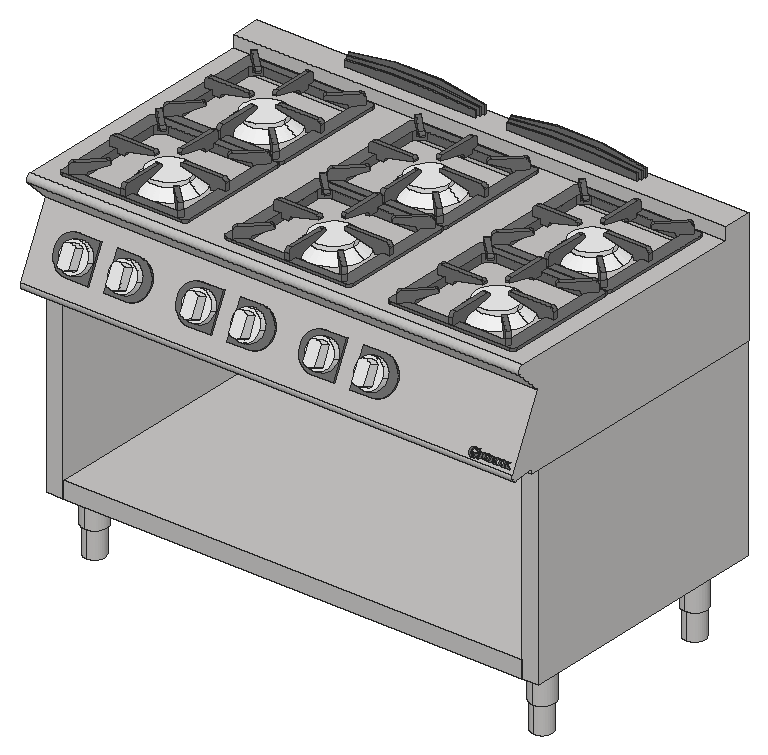
Revit family "QF_GIORIK_ECG760G", category Specialty Equipment, Revit 2014
Parameters (values of type "ECG760G")
  Weight in Pounds = 242.5082
  URL Cutsheet = "www.giorik.com"
  URL = "www.giorik.com"
  Status [instance] = ""
  Specification by User [instance] = ""
  Specification by Manufacturer = ""
  Show Logo [instance] = yes
  Show Clearance [instance] = yes
  Serial Number = ""
  Seismic Rating = ""
  SMACNA No = ""
  Revision Code [instance] = ""
  NAFEM Spec ID Number = ""
  Model = "ECG760G"
  Mechanical Remarks [instance] = "Natural Gas"
  Mechanical Connection Type [instance] = ""
  Masterspec = ""
  Manufacturer = "GIORIK"
  Item Number [instance] = ""
  Installed By [instance] = ""
  Identify Quantity as Lot [instance] = no
  Gas Size = 1"
  Gas RI Height [instance] = 0 mm
  Gas KW = 28.5
  Gas Input = 28500 W
  Gas Connection Height [instance] = 150 mm
  Furnished By [instance] = ""
  Foodservice Equipment Identifier [instance] = yes
  Description = "6 BURNER GAS RANGE ON OPEN BASE UNIT"
  CSI MasterFormat = ""
  Assembly Code = "E1090320"
Reference planes
  plane 1 "Back": y = 0
  plane 2: z = 0
  plane 3 "Left": x = 0
  plane 4 "Right": x = 1200
  plane 5 "Front": y = -720
  plane 6 "Top": z = 900
Forms (mm)
  Extrusion 1, solid
    sketch origin (0, 1000, -20) x (0, 1, 0) y (0, 0, 1)
      loop
        line (-1000, 919.988) -> (-1070, 919.988) -> (-1070, 889.988) -> (-1688.806, 889.988)
        arc (-1688.806, 889.988) -> (-1699.151, 883.075) -> (-1696.724, 870.873) r 11.197
        line (-1696.724, 870.873) -> (-1640.876, 815.025) -> (-1718.948, 661.258)
        arc (-1718.948, 661.258) -> (-1718.233, 650.105) -> (-1708.118, 645.354) r 10.981
        line (-1708.118, 645.354) -> (-1660, 649.925) -> (-1660, 640) -> (-1000, 640) -> (-1000, 919.988)
    from 0 to 1200
  Extrusion 2, solid
    sketch origin (0, 10, 22.988) x (1, 0, 0) y (0, 1, 0)
      loop
        line (45, -100) -> (45, -370)
        arc (45, -370) -> (47.929, -377.071) -> (55, -380) r 10
        line (55, -380) -> (345, -380)
        arc (345, -380) -> (352.071, -377.071) -> (355, -370) r 10
        line (355, -370) -> (355, -100)
        arc (355, -100) -> (352.071, -92.929) -> (345, -90) r 10
        line (345, -90) -> (55, -90)
        arc (55, -90) -> (47.929, -92.929) -> (45, -100) r 10
      loop
        arc (95, -110) -> (80.858, -115.858) -> (75, -130) r 20
        line (75, -130) -> (75, -340)
        arc (75, -340) -> (80.858, -354.142) -> (95, -360) r 20
        line (95, -360) -> (305, -360)
        arc (305, -360) -> (319.142, -354.142) -> (325, -340) r 20
        line (325, -340) -> (325, -130)
        arc (325, -130) -> (319.142, -115.858) -> (305, -110) r 20
        line (305, -110) -> (95, -110)
    from 831.989 to 851.989
  Extrusion 3, solid
    sketch origin (0, -750, 22.988) x (1, 0, 0) y (0, 1, 0)
      loop
        arc (45, 100) -> (47.929, 92.929) -> (55, 90) r 10
        line (55, 90) -> (345, 90)
        arc (345, 90) -> (352.071, 92.929) -> (355, 100) r 10
        line (355, 100) -> (355, 370)
        arc (355, 370) -> (352.071, 377.071) -> (345, 380) r 10
        line (345, 380) -> (55, 380)
        arc (55, 380) -> (47.929, 377.071) -> (45, 370) r 10
        line (45, 370) -> (45, 100)
      loop
        line (95, 110) -> (305, 110)
        arc (305, 110) -> (319.142, 115.858) -> (325, 130) r 20
        line (325, 130) -> (325, 340)
        arc (325, 340) -> (319.142, 354.142) -> (305, 360) r 20
        line (305, 360) -> (95, 360)
        arc (95, 360) -> (80.858, 354.142) -> (75, 340) r 20
        line (75, 340) -> (75, 130)
        arc (75, 130) -> (80.858, 115.858) -> (95, 110) r 20
    from 831.989 to 851.989
  Extrusion 4, solid
    sketch origin (800, 10, 22.988) x (-1, 0, 0) y (0, -1, 0)
      loop
        arc (45, 100) -> (47.929, 92.929) -> (55, 90) r 10
        line (55, 90) -> (345, 90)
        arc (345, 90) -> (352.071, 92.929) -> (355, 100) r 10
        line (355, 100) -> (355, 370)
        arc (355, 370) -> (352.071, 377.071) -> (345, 380) r 10
        line (345, 380) -> (55, 380)
        arc (55, 380) -> (47.929, 377.071) -> (45, 370) r 10
        line (45, 370) -> (45, 100)
      loop
        line (95, 110) -> (305, 110)
        arc (305, 110) -> (319.142, 115.858) -> (325, 130) r 20
        line (325, 130) -> (325, 340)
        arc (325, 340) -> (319.142, 354.142) -> (305, 360) r 20
        line (305, 360) -> (95, 360)
        arc (95, 360) -> (80.858, 354.142) -> (75, 340) r 20
        line (75, 340) -> (75, 130)
        arc (75, 130) -> (80.858, 115.858) -> (95, 110) r 20
    from 831.989 to 851.989
  Extrusion 5, solid
    sketch origin (800, -750, 22.988) x (-1, 0, 0) y (0, -1, 0)
      loop
        line (45, -100) -> (45, -370)
        arc (45, -370) -> (47.929, -377.071) -> (55, -380) r 10
        line (55, -380) -> (345, -380)
        arc (345, -380) -> (352.071, -377.071) -> (355, -370) r 10
        line (355, -370) -> (355, -100)
        arc (355, -100) -> (352.071, -92.929) -> (345, -90) r 10
        line (345, -90) -> (55, -90)
        arc (55, -90) -> (47.929, -92.929) -> (45, -100) r 10
      loop
        arc (95, -110) -> (80.858, -115.858) -> (75, -130) r 20
        line (75, -130) -> (75, -340)
        arc (75, -340) -> (80.858, -354.142) -> (95, -360) r 20
        line (95, -360) -> (305, -360)
        arc (305, -360) -> (319.142, -354.142) -> (325, -340) r 20
        line (325, -340) -> (325, -130)
        arc (325, -130) -> (319.142, -115.858) -> (305, -110) r 20
        line (305, -110) -> (95, -110)
    from 831.989 to 851.989
  Extrusion 6, solid
    sketch origin (-16, 1025.81, 0) x (1, 0, 0) y (0, 1, 0)
      loop
        line (25, -1086.81) -> (25, -1156.81) -> (115, -1156.81) -> (115, -1086.81) -> (25, -1086.81)
    from 148 to 150
  Extrusion 7, solid
    sketch origin (0, 0, 0) x (1, 0, 0) y (0, 1, 0)
      loop
        line (40, -40) -> (40, -640) -> (1160, -640) -> (1160, -40) -> (40, -40)
    from 150 to 190
  Extrusion 8, solid
    sketch origin (-4, 0, 130) x (1, 0, 0) y (0, 1, 0)
      loop
        circle (54, -385) r 12.5
    from 0 to 20
  Extrusion 9, solid
    sketch origin (0, 0, 599.536) x (1, 0, 0) y (0, 1, 0)
      loop
        line (0, -640) -> (40, -640) -> (40, -40) -> (1160, -40) -> (1160, -640) -> (1200, -640) -> (1200, 0) -> (0, 0) -> (0, -640)
    from -449.536 to 20.464
  Extrusion 10, solid
    sketch origin (-16, 560.81, 0) x (1, 0, 0) y (0, 1, 0)
      loop
        line (25, -1086.81) -> (25, -1156.81) -> (115, -1156.81) -> (115, -1086.81) -> (25, -1086.81)
    from 148 to 150
  Revolve 11, solid
    sketch origin (54, 560.81, 0) x (0, 1, 0) y (0, 0, 1)
      loop
        line (-1092.56, 66) -> (-1092.56, 148) -> (-1121.81, 148) -> (-1121.81, 0) -> (-1096.81, 0) -> (-1096.81, 66) -> (-1092.56, 66)
      axis (-1121.81, 0) -> (-1121.81, 148)
    angle from 0 to 360
  Extrusion 12, solid
    sketch origin (109, 0, -10.001) x (1, 0, 0) y (0, 0, 1)
      loop
        line (135, 909.989) -> (453, 909.989) -> (453, 925.527) -> (347.056, 931.749) -> (240.944, 931.749) -> (135, 925.527) -> (135, 909.989)
    from 32 to 35
  Extrusion 13, solid
    sketch origin (111, 10, -10.001) x (1, 0, 0) y (0, 0, 1)
      loop
        line (454, 909.989) -> (454, 928.527) -> (346.162, 939.193) -> (237.838, 939.193) -> (130, 928.527) -> (130, 909.989) -> (454, 909.989)
    from 32 to 35
  Extrusion 14, solid
    sketch origin (113, 20, -10.001) x (1, 0, 0) y (0, 0, 1)
      loop
        line (455, 909.989) -> (455, 930.527) -> (345.396, 947.413) -> (234.604, 947.413) -> (125, 930.527) -> (125, 909.989) -> (455, 909.989)
    from 32 to 35
  Revolve 15, solid
    sketch origin (54, 1025.81, 0) x (0, 1, 0) y (0, 0, 1)
      loop
        line (-1092.56, 66) -> (-1092.56, 148) -> (-1121.81, 148) -> (-1121.81, 0) -> (-1096.81, 0) -> (-1096.81, 66) -> (-1092.56, 66)
      axis (-1121.81, 0) -> (-1121.81, 148)
    angle from 0 to 360
  Extrusion 16, solid
    sketch origin (1091, 0, -10.001) x (-1, 0, 0) y (0, 0, -1)
      loop
        line (135, -909.989) -> (135, -925.527) -> (240.944, -931.749) -> (347.056, -931.749) -> (453, -925.527) -> (453, -909.989) -> (135, -909.989)
    from 32 to 35
  Extrusion 17, solid
    sketch origin (1089, 10, -10.001) x (-1, 0, 0) y (0, 0, -1)
      loop
        line (454, -909.989) -> (130, -909.989) -> (130, -928.527) -> (237.838, -939.193) -> (346.162, -939.193) -> (454, -928.527) -> (454, -909.989)
    from 32 to 35
  Extrusion 18, solid
    sketch origin (1087, 20, -10.001) x (-1, 0, 0) y (0, 0, -1)
      loop
        line (455, -909.989) -> (125, -909.989) -> (125, -930.527) -> (234.604, -947.413) -> (345.396, -947.413) -> (455, -930.527) -> (455, -909.989)
    from 32 to 35
  Extrusion 19, solid
    sketch origin (286.779, -963.345, 52.852) x (1, 0, 0) y (0, 0.452718, 0.891654)
      loop
        line (463.221, 676.25) -> (463.221, 766.25) -> (409.698, 766.25)
        arc (409.698, 766.25) -> (364.698, 721.25) -> (409.698, 676.25) r 45
        line (409.698, 676.25) -> (463.221, 676.25)
    from 48 to 50
  Extrusion 20, solid
    sketch origin (1253.221, -963.345, 52.852) x (-1, 0, 0) y (0, -0.452718, -0.891654)
      loop
        line (463.221, -676.25) -> (409.698, -676.25)
        arc (409.698, -676.25) -> (364.698, -721.25) -> (409.698, -766.25) r 45
        line (409.698, -766.25) -> (463.221, -766.25) -> (463.221, -676.25)
    from 48 to 50
  Extrusion 21, solid
    sketch origin (478.669, -1008.697, 75.448) x (1, 0, 0) y (0, 0.45351, 0.891251)
      loop
        circle (351.331, 721.346) r 35
    from 0 to 15
  Extrusion 22, solid
    sketch origin (478.669, -1008.697, 75.448) x (1, 0, 0) y (0, 0.45351, 0.891251)
      loop
        line (336.331, 743.846) -> (336.331, 698.846)
        arc (336.331, 698.846) -> (351.331, 693.846) -> (366.331, 698.846) r 25
        line (366.331, 698.846) -> (366.331, 743.846)
        arc (366.331, 743.846) -> (351.331, 748.846) -> (336.331, 743.846) r 25
    from 15 to 40
  Extrusion 23, solid, visible <- "Show Logo"
    sketch origin (996.604, -736.761, 609.486) x (-1, 0, 0) y (0, 0.452718, 0.891654)
      loop
        line (-118.824, 58.358) -> (-127.804, 58.358) -> (-125.523, 56.445) -> (-125.523, 48.027) -> (-127.804, 46.113) -> (-118.824, 46.113) -> (-121.105, 48.027) -> (-121.105, 56.445) -> (-118.824, 58.358)
      loop
        line (-163.721, 58.358) -> (-172.7, 58.358) -> (-170.42, 56.445) -> (-170.42, 48.027) -> (-172.7, 46.113) -> (-163.721, 46.113) -> (-166.001, 48.027) -> (-166.001, 56.445) -> (-163.721, 58.358)
      loop
        line (-174.332, 58.358) -> (-183.312, 58.358) -> (-181.031, 56.445) -> (-181.031, 52.435) -> (-186.419, 56.955) -> (-184.416, 58.358) -> (-191.268, 58.358) -> (-188.01, 56.839) -> (-185.455, 54.283) -> (-190.846, 47.858) -> (-193.396, 46.93) -> (-193.396, 46.113) -> (-184.416, 46.113) -> (-185.437, 47.571) -> (-182.443, 51.552) -> (-181.031, 50.894) -> (-181.031, 48.027) -> (-183.312, 46.113) -> (-174.332, 46.113) -> (-176.613, 48.027) -> (-176.613, 56.445) -> (-174.332, 58.358)
      loop
        line (-115.429, 62.063) -> (-115.429, 54.198)
        arc (-115.429, 54.198) -> (-111.618, 57.803) -> (-106.847, 59.986) r 16.039
        arc (-106.847, 59.986) -> (-103.314, 59.837) -> (-100.512, 57.68) r 5.851
        arc (-100.512, 57.68) -> (-98.815, 52.267) -> (-100.512, 46.853) r 9.479
        arc (-100.512, 46.853) -> (-102.406, 44.986) -> (-104.846, 43.93) r 7.236
        arc (-104.846, 43.93) -> (-107.728, 44.111) -> (-110.052, 45.825) r 5.11
        line (-110.052, 45.825) -> (-110.052, 52.001) -> (-116.141, 52.001) -> (-116.141, 45.503) -> (-117.893, 43.751) -> (-114.094, 44.769)
        arc (-114.094, 44.769) -> (-112.56, 44.947) -> (-111.129, 44.366) r 3.115
        arc (-111.129, 44.366) -> (-104.216, 42.091) -> (-97.303, 44.366) r 11.641
        arc (-97.303, 44.366) -> (-93.396, 52.107) -> (-97.303, 59.849) r 9.622
        arc (-97.303, 59.849) -> (-104.369, 62.174) -> (-111.435, 59.849) r 11.898
        line (-111.435, 59.849) -> (-115.429, 62.063)
      loop
        arc (-129.234, 56.068) -> (-135.893, 58.628) -> (-142.552, 56.068) r 9.941
        arc (-142.552, 56.068) -> (-144.234, 52.286) -> (-142.552, 48.505) r 5.093
        arc (-142.552, 48.505) -> (-135.893, 45.945) -> (-129.234, 48.505) r 9.941
        arc (-129.234, 48.505) -> (-127.552, 52.286) -> (-129.234, 56.068) r 5.093
      loop
        arc (-132.628, 54.403) -> (-135.893, 57.668) -> (-139.158, 54.403) r 3.265
        line (-139.158, 54.403) -> (-139.158, 50.169)
        arc (-139.158, 50.169) -> (-135.893, 46.904) -> (-132.628, 50.169) r 3.265
        line (-132.628, 50.169) -> (-132.628, 54.403)
      loop
        arc (-156.363, 58.365) -> (-159.647, 55.081) -> (-156.363, 51.796) r 3.285
        line (-156.363, 51.796) -> (-159.529, 47.306) -> (-162.087, 46.113) -> (-155.847, 46.113) -> (-153.529, 51.083) -> (-150.637, 51.083) -> (-150.637, 47.784) -> (-153.022, 46.113) -> (-144.011, 46.113) -> (-146.094, 47.68) -> (-146.094, 56.493) -> (-144.229, 58.365) -> (-156.363, 58.365)
      loop
        line (-150.637, 57.512) -> (-153.637, 57.512)
        arc (-153.637, 57.512) -> (-156.237, 54.912) -> (-153.637, 52.312) r 2.6
        line (-153.637, 52.312) -> (-150.637, 52.312) -> (-150.637, 57.512)
      loop
        line (-108.924, 52.001) -> (-104.936, 49.005) -> (-100.948, 52.001) -> (-108.924, 52.001)
    from 1.5 to -0.5
  Extrusion 24, solid
    sketch origin (1061.331, -1008.697, 75.448) x (-1, 0, 0) y (0, -0.45351, -0.891251)
      loop
        circle (351.331, -721.346) r 35
    from 0 to 15
  Extrusion 25, solid
    sketch origin (1061.331, -1008.697, 75.448) x (-1, 0, 0) y (0, -0.45351, -0.891251)
      loop
        arc (336.331, -743.846) -> (351.331, -748.846) -> (366.331, -743.846) r 25
        line (366.331, -743.846) -> (366.331, -698.846)
        arc (366.331, -698.846) -> (351.331, -693.846) -> (336.331, -698.846) r 25
        line (336.331, -698.846) -> (336.331, -743.846)
    from 15 to 40
  Extrusion 26, solid
    sketch origin (1076, 1025.81, 0) x (1, 0, 0) y (0, 1, 0)
      loop
        line (25, -1086.81) -> (25, -1156.81) -> (115, -1156.81) -> (115, -1086.81) -> (25, -1086.81)
    from 148 to 150
  Extrusion 27, solid
    sketch origin (1076, 560.81, 0) x (1, 0, 0) y (0, 1, 0)
      loop
        line (25, -1086.81) -> (25, -1156.81) -> (115, -1156.81) -> (115, -1086.81) -> (25, -1086.81)
    from 148 to 150
  Revolve 28, solid
    sketch origin (1146, 560.81, 0) x (0, 1, 0) y (0, 0, 1)
      loop
        line (-1092.56, 66) -> (-1092.56, 148) -> (-1121.81, 148) -> (-1121.81, 0) -> (-1096.81, 0) -> (-1096.81, 66) -> (-1092.56, 66)
      axis (-1121.81, 0) -> (-1121.81, 148)
    angle from 0 to 360
  Revolve 29, solid
    sketch origin (1146, 1025.81, 0) x (0, 1, 0) y (0, 0, 1)
      loop
        line (-1092.56, 66) -> (-1092.56, 148) -> (-1121.81, 148) -> (-1121.81, 0) -> (-1096.81, 0) -> (-1096.81, 66) -> (-1092.56, 66)
      axis (-1121.81, 0) -> (-1121.81, 148)
    angle from 0 to 360
  Extrusion 30, solid
    sketch origin (-313.221, -963.345, 52.852) x (1, 0, 0) y (0, 0.452718, 0.891654)
      loop
        line (463.221, 676.25) -> (463.221, 766.25) -> (409.698, 766.25)
        arc (409.698, 766.25) -> (364.698, 721.25) -> (409.698, 676.25) r 45
        line (409.698, 676.25) -> (463.221, 676.25)
    from 48 to 50
  Extrusion 31, solid
    sketch origin (653.221, -963.345, 52.852) x (-1, 0, 0) y (0, -0.452718, -0.891654)
      loop
        line (463.221, -676.25) -> (409.698, -676.25)
        arc (409.698, -676.25) -> (364.698, -721.25) -> (409.698, -766.25) r 45
        line (409.698, -766.25) -> (463.221, -766.25) -> (463.221, -676.25)
    from 48 to 50
  Extrusion 32, solid
    sketch origin (-121.331, -1008.697, 75.448) x (1, 0, 0) y (0, 0.45351, 0.891251)
      loop
        circle (351.331, 721.346) r 35
    from 0 to 15
  Extrusion 33, solid
    sketch origin (-121.331, -1008.697, 75.448) x (1, 0, 0) y (0, 0.45351, 0.891251)
      loop
        line (336.331, 743.846) -> (336.331, 698.846)
        arc (336.331, 698.846) -> (351.331, 693.846) -> (366.331, 698.846) r 25
        line (366.331, 698.846) -> (366.331, 743.846)
        arc (366.331, 743.846) -> (351.331, 748.846) -> (336.331, 743.846) r 25
    from 15 to 40
  Extrusion 34, solid
    sketch origin (461.331, -1008.697, 75.448) x (-1, 0, 0) y (0, -0.45351, -0.891251)
      loop
        circle (351.331, -721.346) r 35
    from 0 to 15
  Extrusion 35, solid
    sketch origin (461.331, -1008.697, 75.448) x (-1, 0, 0) y (0, -0.45351, -0.891251)
      loop
        arc (336.331, -743.846) -> (351.331, -748.846) -> (366.331, -743.846) r 25
        line (366.331, -743.846) -> (366.331, -698.846)
        arc (366.331, -698.846) -> (351.331, -693.846) -> (336.331, -698.846) r 25
        line (336.331, -698.846) -> (336.331, -743.846)
    from 15 to 40
  Extrusion 36, solid
    sketch origin (953.221, -963.345, 52.852) x (-1, 0, 0) y (0, -0.452718, -0.891654)
      loop
        line (463.221, -676.25) -> (409.698, -676.25)
        arc (409.698, -676.25) -> (364.698, -721.25) -> (409.698, -766.25) r 45
        line (409.698, -766.25) -> (463.221, -766.25) -> (463.221, -676.25)
    from 48 to 50
  Extrusion 37, solid
    sketch origin (-13.221, -963.345, 52.852) x (1, 0, 0) y (0, 0.452718, 0.891654)
      loop
        line (463.221, 676.25) -> (463.221, 766.25) -> (409.698, 766.25)
        arc (409.698, 766.25) -> (364.698, 721.25) -> (409.698, 676.25) r 45
        line (409.698, 676.25) -> (463.221, 676.25)
    from 48 to 50
  Extrusion 38, solid
    sketch origin (761.331, -1008.697, 75.448) x (-1, 0, 0) y (0, -0.45351, -0.891251)
      loop
        circle (351.331, -721.346) r 35
    from 0 to 15
  Extrusion 39, solid
    sketch origin (761.331, -1008.697, 75.448) x (-1, 0, 0) y (0, -0.45351, -0.891251)
      loop
        arc (336.331, -743.846) -> (351.331, -748.846) -> (366.331, -743.846) r 25
        line (366.331, -743.846) -> (366.331, -698.846)
        arc (366.331, -698.846) -> (351.331, -693.846) -> (336.331, -698.846) r 25
        line (336.331, -698.846) -> (336.331, -743.846)
    from 15 to 40
  Extrusion 40, solid
    sketch origin (178.669, -1008.697, 75.448) x (1, 0, 0) y (0, 0.45351, 0.891251)
      loop
        circle (351.331, 721.346) r 35
    from 0 to 15
  Extrusion 41, solid
    sketch origin (178.669, -1008.697, 75.448) x (1, 0, 0) y (0, 0.45351, 0.891251)
      loop
        line (336.331, 743.846) -> (336.331, 698.846)
        arc (336.331, 698.846) -> (351.331, 693.846) -> (366.331, 698.846) r 25
        line (366.331, 698.846) -> (366.331, 743.846)
        arc (366.331, 743.846) -> (351.331, 748.846) -> (336.331, 743.846) r 25
    from 15 to 40
  Extrusion 42, solid
    sketch origin (1200, 10, 22.988) x (-1, 0, 0) y (0, -1, 0)
      loop
        arc (45, 100) -> (47.929, 92.929) -> (55, 90) r 10
        line (55, 90) -> (345, 90)
        arc (345, 90) -> (352.071, 92.929) -> (355, 100) r 10
        line (355, 100) -> (355, 370)
        arc (355, 370) -> (352.071, 377.071) -> (345, 380) r 10
        line (345, 380) -> (55, 380)
        arc (55, 380) -> (47.929, 377.071) -> (45, 370) r 10
        line (45, 370) -> (45, 100)
      loop
        line (95, 110) -> (305, 110)
        arc (305, 110) -> (319.142, 115.858) -> (325, 130) r 20
        line (325, 130) -> (325, 340)
        arc (325, 340) -> (319.142, 354.142) -> (305, 360) r 20
        line (305, 360) -> (95, 360)
        arc (95, 360) -> (80.858, 354.142) -> (75, 340) r 20
        line (75, 340) -> (75, 130)
        arc (75, 130) -> (80.858, 115.858) -> (95, 110) r 20
    from 831.989 to 851.989
  Extrusion 43, solid
    sketch origin (1200, -750, 22.988) x (-1, 0, 0) y (0, -1, 0)
      loop
        line (45, -100) -> (45, -370)
        arc (45, -370) -> (47.929, -377.071) -> (55, -380) r 10
        line (55, -380) -> (345, -380)
        arc (345, -380) -> (352.071, -377.071) -> (355, -370) r 10
        line (355, -370) -> (355, -100)
        arc (355, -100) -> (352.071, -92.929) -> (345, -90) r 10
        line (345, -90) -> (55, -90)
        arc (55, -90) -> (47.929, -92.929) -> (45, -100) r 10
      loop
        arc (95, -110) -> (80.858, -115.858) -> (75, -130) r 20
        line (75, -130) -> (75, -340)
        arc (75, -340) -> (80.858, -354.142) -> (95, -360) r 20
        line (95, -360) -> (305, -360)
        arc (305, -360) -> (319.142, -354.142) -> (325, -340) r 20
        line (325, -340) -> (325, -130)
        arc (325, -130) -> (319.142, -115.858) -> (305, -110) r 20
        line (305, -110) -> (95, -110)
    from 831.989 to 851.989
  Blend 44, solid
    base sketch origin (799.954, -501.449, 910) x (0, -1, 0) y (1, 0, 0)
      loop
        circle (-276.449, 200.046) r 75
    top sketch origin (799.954, -501.449, 910) x (0, -1, 0) y (1, 0, 0)
      loop
        circle (-276.449, 200.046) r 50
    from -70 to -50
  Extrusion 45, solid
    sketch origin (799.954, 51.448, -19.988) x (1, 0, 0) y (0, 1, 0)
      loop
        circle (200.046, -276.449) r 50
    from 889.988 to 879.988
  Blend 46, solid
    base sketch origin (799.954, -238.551, 910) x (0, 1, 0) y (-1, 0, 0)
      loop
        circle (-276.449, -200.046) r 75
    top sketch origin (799.954, -238.551, 910) x (0, 1, 0) y (-1, 0, 0)
      loop
        circle (-276.449, -200.046) r 50
    from -70 to -50
  Extrusion 47, solid
    sketch origin (799.954, -791.448, -19.988) x (1, 0, 0) y (0, 1, 0)
      loop
        circle (200.046, 276.449) r 50
    from 889.988 to 879.988
  Blend 48, solid
    base sketch origin (399.954, -501.449, 910) x (0, -1, 0) y (1, 0, 0)
      loop
        circle (-276.449, 200.046) r 75
    top sketch origin (399.954, -501.449, 910) x (0, -1, 0) y (1, 0, 0)
      loop
        circle (-276.449, 200.046) r 50
    from -70 to -50
  Extrusion 49, solid
    sketch origin (399.954, 51.448, -19.988) x (1, 0, 0) y (0, 1, 0)
      loop
        circle (200.046, -276.449) r 50
    from 889.988 to 879.988
  Blend 50, solid
    base sketch origin (399.954, -238.551, 910) x (0, 1, 0) y (-1, 0, 0)
      loop
        circle (-276.449, -200.046) r 75
    top sketch origin (399.954, -238.551, 910) x (0, 1, 0) y (-1, 0, 0)
      loop
        circle (-276.449, -200.046) r 50
    from -70 to -50
  Extrusion 51, solid
    sketch origin (399.954, -791.448, -19.988) x (1, 0, 0) y (0, 1, 0)
      loop
        circle (200.046, 276.449) r 50
    from 889.988 to 879.988
  Blend 52, solid
    base sketch origin (-0.046, -501.449, 910) x (0, -1, 0) y (1, 0, 0)
      loop
        circle (-276.449, 200.046) r 75
    top sketch origin (-0.046, -501.449, 910) x (0, -1, 0) y (1, 0, 0)
      loop
        circle (-276.449, 200.046) r 50
    from -70 to -50
  Extrusion 53, solid
    sketch origin (-0.046, 51.448, -19.988) x (1, 0, 0) y (0, 1, 0)
      loop
        circle (200.046, -276.449) r 50
    from 889.988 to 879.988
  Blend 54, solid
    base sketch origin (-0.046, -238.551, 910) x (0, 1, 0) y (-1, 0, 0)
      loop
        circle (-276.449, -200.046) r 75
    top sketch origin (-0.046, -238.551, 910) x (0, 1, 0) y (-1, 0, 0)
      loop
        circle (-276.449, -200.046) r 50
    from -70 to -50
  Extrusion 55, solid
    sketch origin (-0.046, -791.448, -19.988) x (1, 0, 0) y (0, 1, 0)
      loop
        circle (200.046, 276.449) r 50
    from 889.988 to 879.988
  Extrusion 56, void
    sketch origin (800, 0, 900) x (0, 1, 0) y (-1, 0, 0)
      loop
        line (-90, 65) -> (-90, 335)
        arc (-90, 335) -> (-92.929, 342.071) -> (-100, 345) r 10
        line (-100, 345) -> (-640.565, 345)
        arc (-640.565, 345) -> (-647.636, 342.071) -> (-650.565, 335) r 10
        line (-650.565, 335) -> (-650.565, 65)
        arc (-650.565, 65) -> (-647.636, 57.929) -> (-640.565, 55) r 10
        line (-640.565, 55) -> (-100, 55)
        arc (-100, 55) -> (-92.929, 57.929) -> (-90, 65) r 10
    from -30.012 to -60
  Extrusion 57, void
    sketch origin (1200, 0, 900) x (0, 1, 0) y (-1, 0, 0)
      loop
        line (-90, 65) -> (-90, 335)
        arc (-90, 335) -> (-92.929, 342.071) -> (-100, 345) r 10
        line (-100, 345) -> (-640.565, 345)
        arc (-640.565, 345) -> (-647.636, 342.071) -> (-650.565, 335) r 10
        line (-650.565, 335) -> (-650.565, 65)
        arc (-650.565, 65) -> (-647.636, 57.929) -> (-640.565, 55) r 10
        line (-640.565, 55) -> (-100, 55)
        arc (-100, 55) -> (-92.929, 57.929) -> (-90, 65) r 10
    from -30.012 to -60
  Extrusion 58, void
    sketch origin (0, 0, 900) x (0, 1, 0) y (-1, 0, 0)
      loop
        arc (-90, -65) -> (-92.929, -57.929) -> (-100, -55) r 10
        line (-100, -55) -> (-640.565, -55)
        arc (-640.565, -55) -> (-647.636, -57.929) -> (-650.565, -65) r 10
        line (-650.565, -65) -> (-650.565, -335)
        arc (-650.565, -335) -> (-647.636, -342.071) -> (-640.565, -345) r 10
        line (-640.565, -345) -> (-100, -345)
        arc (-100, -345) -> (-92.929, -342.071) -> (-90, -335) r 10
        line (-90, -335) -> (-90, -65)
    from -30.012 to -60
  Extrusion 59, solid
    sketch origin (640.72, -671.989, -71.001) x (0, 1, 0) y (0, 0, -1)
      loop
        line (15.989, -935.989) -> (15.989, -961)
        arc (15.989, -961) -> (18.918, -968.071) -> (25.989, -971) r 10
        line (25.989, -971) -> (119.989, -971)
        arc (119.989, -971) -> (124.232, -969.243) -> (125.989, -965) r 6
        line (125.989, -965) -> (125.989, -962) -> (55.875, -945.989) -> (52.235, -935.989) -> (15.989, -935.989)
    from 35.72 to 45.72
  Extrusion 60, solid
    sketch origin (430.305, -634.988, -2.81) x (0.707107, 0.707107, 0) y (0, 0, 1)
      loop
        line (85.748, 902.808) -> (21.748, 902.808)
        arc (21.748, 902.808) -> (14.677, 899.879) -> (11.748, 892.808) r 10
        line (11.748, 892.808) -> (11.748, 867.797) -> (40.514, 867.797) -> (46.895, 881.064) -> (91.748, 893.808) -> (91.748, 896.808)
        arc (91.748, 896.808) -> (89.991, 901.051) -> (85.748, 902.808) r 6
    from 30.148 to 40.148
  Extrusion 61, solid
    sketch origin (640.72, -358.011, -71.001) x (0, -1, 0) y (0, 0, 1)
      loop
        line (15.989, 935.989) -> (52.235, 935.989) -> (55.875, 945.989) -> (125.989, 962) -> (125.989, 965)
        arc (125.989, 965) -> (124.232, 969.243) -> (119.989, 971) r 6
        line (119.989, 971) -> (25.989, 971)
        arc (25.989, 971) -> (18.918, 968.071) -> (15.989, 961) r 10
        line (15.989, 961) -> (15.989, 935.989)
    from 35.72 to 45.72
  Extrusion 62, solid
    sketch origin (756.989, -555.72, -71.001) x (-1, 0, 0) y (0, 0, 1)
      loop
        line (15.989, 935.989) -> (52.235, 935.989) -> (55.875, 945.989) -> (125.989, 962) -> (125.989, 965)
        arc (125.989, 965) -> (124.232, 969.243) -> (119.989, 971) r 6
        line (119.989, 971) -> (25.989, 971)
        arc (25.989, 971) -> (18.918, 968.071) -> (15.989, 961) r 10
        line (15.989, 961) -> (15.989, 935.989)
    from 35.72 to 45.72
  Extrusion 63, solid
    sketch origin (443.011, -555.72, -71.001) x (1, 0, 0) y (0, 0, -1)
      loop
        line (15.989, -935.989) -> (15.989, -961)
        arc (15.989, -961) -> (18.918, -968.071) -> (25.989, -971) r 10
        line (25.989, -971) -> (119.989, -971)
        arc (119.989, -971) -> (124.232, -969.243) -> (125.989, -965) r 6
        line (125.989, -965) -> (125.989, -962) -> (55.875, -945.989) -> (52.235, -935.989) -> (15.989, -935.989)
    from 35.72 to 45.72
  Extrusion 64, solid
    sketch origin (769.695, -634.988, -2.81) x (-0.707107, 0.707107, 0) y (0, 0, -1)
      loop
        arc (85.748, -902.808) -> (89.991, -901.051) -> (91.748, -896.808) r 6
        line (91.748, -896.808) -> (91.748, -893.808) -> (46.895, -881.064) -> (40.514, -867.797) -> (11.748, -867.797) -> (11.748, -892.808)
        arc (11.748, -892.808) -> (14.677, -899.879) -> (21.748, -902.808) r 10
        line (21.748, -902.808) -> (85.748, -902.808)
    from 30.148 to 40.148
  Extrusion 65, solid
    sketch origin (769.695, -395.012, -2.81) x (-0.707107, -0.707107, 0) y (0, 0, 1)
      loop
        line (85.748, 902.808) -> (21.748, 902.808)
        arc (21.748, 902.808) -> (14.677, 899.879) -> (11.748, 892.808) r 10
        line (11.748, 892.808) -> (11.748, 867.797) -> (40.514, 867.797) -> (46.895, 881.064) -> (91.748, 893.808) -> (91.748, 896.808)
        arc (91.748, 896.808) -> (89.991, 901.051) -> (85.748, 902.808) r 6
    from 30.148 to 40.148
  Extrusion 66, solid
    sketch origin (430.305, -395.012, -2.81) x (0.707107, -0.707107, 0) y (0, 0, -1)
      loop
        arc (85.748, -902.808) -> (89.991, -901.051) -> (91.748, -896.808) r 6
        line (91.748, -896.808) -> (91.748, -893.808) -> (46.895, -881.064) -> (40.514, -867.797) -> (11.748, -867.797) -> (11.748, -892.808)
        arc (11.748, -892.808) -> (14.677, -899.879) -> (21.748, -902.808) r 10
        line (21.748, -902.808) -> (85.748, -902.808)
    from 30.148 to 40.148
  Extrusion 67, solid
    sketch origin (640.72, -68.011, -71.001) x (0, -1, 0) y (0, 0, 1)
      loop
        line (15.989, 935.989) -> (52.235, 935.989) -> (55.875, 945.989) -> (125.989, 962) -> (125.989, 965)
        arc (125.989, 965) -> (124.232, 969.243) -> (119.989, 971) r 6
        line (119.989, 971) -> (25.989, 971)
        arc (25.989, 971) -> (18.918, 968.071) -> (15.989, 961) r 10
        line (15.989, 961) -> (15.989, 935.989)
    from 35.72 to 45.72
  Extrusion 68, solid
    sketch origin (430.305, -105.012, -2.81) x (0.707107, -0.707107, 0) y (0, 0, -1)
      loop
        arc (85.748, -902.808) -> (89.991, -901.051) -> (91.748, -896.808) r 6
        line (91.748, -896.808) -> (91.748, -893.808) -> (46.895, -881.064) -> (40.514, -867.797) -> (11.748, -867.797) -> (11.748, -892.808)
        arc (11.748, -892.808) -> (14.677, -899.879) -> (21.748, -902.808) r 10
        line (21.748, -902.808) -> (85.748, -902.808)
    from 30.148 to 40.148
  Extrusion 69, solid
    sketch origin (640.72, -381.989, -71.001) x (0, 1, 0) y (0, 0, -1)
      loop
        line (15.989, -935.989) -> (15.989, -961)
        arc (15.989, -961) -> (18.918, -968.071) -> (25.989, -971) r 10
        line (25.989, -971) -> (119.989, -971)
        arc (119.989, -971) -> (124.232, -969.243) -> (125.989, -965) r 6
        line (125.989, -965) -> (125.989, -962) -> (55.875, -945.989) -> (52.235, -935.989) -> (15.989, -935.989)
    from 35.72 to 45.72
  Extrusion 70, solid
    sketch origin (756.989, -184.279, -71.001) x (-1, 0, 0) y (0, 0, -1)
      loop
        line (15.989, -935.989) -> (15.989, -961)
        arc (15.989, -961) -> (18.918, -968.071) -> (25.989, -971) r 10
        line (25.989, -971) -> (119.989, -971)
        arc (119.989, -971) -> (124.232, -969.243) -> (125.989, -965) r 6
        line (125.989, -965) -> (125.989, -962) -> (55.875, -945.989) -> (52.235, -935.989) -> (15.989, -935.989)
    from 35.72 to 45.72
  Extrusion 71, solid
    sketch origin (443.011, -184.279, -71.001) x (1, 0, 0) y (0, 0, 1)
      loop
        line (15.989, 935.989) -> (52.235, 935.989) -> (55.875, 945.989) -> (125.989, 962) -> (125.989, 965)
        arc (125.989, 965) -> (124.232, 969.243) -> (119.989, 971) r 6
        line (119.989, 971) -> (25.989, 971)
        arc (25.989, 971) -> (18.918, 968.071) -> (15.989, 961) r 10
        line (15.989, 961) -> (15.989, 935.989)
    from 35.72 to 45.72
  Extrusion 72, solid
    sketch origin (769.695, -105.012, -2.81) x (-0.707107, -0.707107, 0) y (0, 0, 1)
      loop
        line (85.748, 902.808) -> (21.748, 902.808)
        arc (21.748, 902.808) -> (14.677, 899.879) -> (11.748, 892.808) r 10
        line (11.748, 892.808) -> (11.748, 867.797) -> (40.514, 867.797) -> (46.895, 881.064) -> (91.748, 893.808) -> (91.748, 896.808)
        arc (91.748, 896.808) -> (89.991, 901.051) -> (85.748, 902.808) r 6
    from 30.148 to 40.148
  Extrusion 73, solid
    sketch origin (769.695, -344.988, -2.81) x (-0.707107, 0.707107, 0) y (0, 0, -1)
      loop
        arc (85.748, -902.808) -> (89.991, -901.051) -> (91.748, -896.808) r 6
        line (91.748, -896.808) -> (91.748, -893.808) -> (46.895, -881.064) -> (40.514, -867.797) -> (11.748, -867.797) -> (11.748, -892.808)
        arc (11.748, -892.808) -> (14.677, -899.879) -> (21.748, -902.808) r 10
        line (21.748, -902.808) -> (85.748, -902.808)
    from 30.148 to 40.148
  Extrusion 74, solid
    sketch origin (430.305, -344.988, -2.81) x (0.707107, 0.707107, 0) y (0, 0, 1)
      loop
        line (85.748, 902.808) -> (21.748, 902.808)
        arc (21.748, 902.808) -> (14.677, 899.879) -> (11.748, 892.808) r 10
        line (11.748, 892.808) -> (11.748, 867.797) -> (40.514, 867.797) -> (46.895, 881.064) -> (91.748, 893.808) -> (91.748, 896.808)
        arc (91.748, 896.808) -> (89.991, 901.051) -> (85.748, 902.808) r 6
    from 30.148 to 40.148
  Extrusion 75, solid
    sketch origin (1040.721, -671.989, -71.001) x (0, 1, 0) y (0, 0, -1)
      loop
        line (15.989, -935.989) -> (15.989, -961)
        arc (15.989, -961) -> (18.918, -968.071) -> (25.989, -971) r 10
        line (25.989, -971) -> (119.989, -971)
        arc (119.989, -971) -> (124.232, -969.243) -> (125.989, -965) r 6
        line (125.989, -965) -> (125.989, -962) -> (55.875, -945.989) -> (52.235, -935.989) -> (15.989, -935.989)
    from 35.72 to 45.72
  Extrusion 76, solid
    sketch origin (830.305, -634.988, -2.81) x (0.707107, 0.707107, 0) y (0, 0, 1)
      loop
        line (85.748, 902.808) -> (21.748, 902.808)
        arc (21.748, 902.808) -> (14.677, 899.879) -> (11.748, 892.808) r 10
        line (11.748, 892.808) -> (11.748, 867.797) -> (40.514, 867.797) -> (46.895, 881.064) -> (91.748, 893.808) -> (91.748, 896.808)
        arc (91.748, 896.808) -> (89.991, 901.051) -> (85.748, 902.808) r 6
    from 30.148 to 40.148
  Extrusion 77, solid
    sketch origin (1040.721, -358.011, -71.001) x (0, -1, 0) y (0, 0, 1)
      loop
        line (15.989, 935.989) -> (52.235, 935.989) -> (55.875, 945.989) -> (125.989, 962) -> (125.989, 965)
        arc (125.989, 965) -> (124.232, 969.243) -> (119.989, 971) r 6
        line (119.989, 971) -> (25.989, 971)
        arc (25.989, 971) -> (18.918, 968.071) -> (15.989, 961) r 10
        line (15.989, 961) -> (15.989, 935.989)
    from 35.72 to 45.72
  Extrusion 78, solid
    sketch origin (1156.989, -555.72, -71.001) x (-1, 0, 0) y (0, 0, 1)
      loop
        line (15.989, 935.989) -> (52.235, 935.989) -> (55.875, 945.989) -> (125.989, 962) -> (125.989, 965)
        arc (125.989, 965) -> (124.232, 969.243) -> (119.989, 971) r 6
        line (119.989, 971) -> (25.989, 971)
        arc (25.989, 971) -> (18.918, 968.071) -> (15.989, 961) r 10
        line (15.989, 961) -> (15.989, 935.989)
    from 35.72 to 45.72
  Extrusion 79, solid
    sketch origin (843.011, -555.72, -71.001) x (1, 0, 0) y (0, 0, -1)
      loop
        line (15.989, -935.989) -> (15.989, -961)
        arc (15.989, -961) -> (18.918, -968.071) -> (25.989, -971) r 10
        line (25.989, -971) -> (119.989, -971)
        arc (119.989, -971) -> (124.232, -969.243) -> (125.989, -965) r 6
        line (125.989, -965) -> (125.989, -962) -> (55.875, -945.989) -> (52.235, -935.989) -> (15.989, -935.989)
    from 35.72 to 45.72
  Extrusion 80, solid
    sketch origin (1169.695, -634.988, -2.81) x (-0.707107, 0.707107, 0) y (0, 0, -1)
      loop
        arc (85.748, -902.808) -> (89.991, -901.051) -> (91.748, -896.808) r 6
        line (91.748, -896.808) -> (91.748, -893.808) -> (46.895, -881.064) -> (40.514, -867.797) -> (11.748, -867.797) -> (11.748, -892.808)
        arc (11.748, -892.808) -> (14.677, -899.879) -> (21.748, -902.808) r 10
        line (21.748, -902.808) -> (85.748, -902.808)
    from 30.148 to 40.148
  Extrusion 81, solid
    sketch origin (1169.695, -395.012, -2.81) x (-0.707107, -0.707107, 0) y (0, 0, 1)
      loop
        line (85.748, 902.808) -> (21.748, 902.808)
        arc (21.748, 902.808) -> (14.677, 899.879) -> (11.748, 892.808) r 10
        line (11.748, 892.808) -> (11.748, 867.797) -> (40.514, 867.797) -> (46.895, 881.064) -> (91.748, 893.808) -> (91.748, 896.808)
        arc (91.748, 896.808) -> (89.991, 901.051) -> (85.748, 902.808) r 6
    from 30.148 to 40.148
  Extrusion 82, solid
    sketch origin (830.305, -395.012, -2.81) x (0.707107, -0.707107, 0) y (0, 0, -1)
      loop
        arc (85.748, -902.808) -> (89.991, -901.051) -> (91.748, -896.808) r 6
        line (91.748, -896.808) -> (91.748, -893.808) -> (46.895, -881.064) -> (40.514, -867.797) -> (11.748, -867.797) -> (11.748, -892.808)
        arc (11.748, -892.808) -> (14.677, -899.879) -> (21.748, -902.808) r 10
        line (21.748, -902.808) -> (85.748, -902.808)
    from 30.148 to 40.148
  Extrusion 83, solid
    sketch origin (1040.721, -68.011, -71.001) x (0, -1, 0) y (0, 0, 1)
      loop
        line (15.989, 935.989) -> (52.235, 935.989) -> (55.875, 945.989) -> (125.989, 962) -> (125.989, 965)
        arc (125.989, 965) -> (124.232, 969.243) -> (119.989, 971) r 6
        line (119.989, 971) -> (25.989, 971)
        arc (25.989, 971) -> (18.918, 968.071) -> (15.989, 961) r 10
        line (15.989, 961) -> (15.989, 935.989)
    from 35.72 to 45.72
  Extrusion 84, solid
    sketch origin (830.305, -105.012, -2.81) x (0.707107, -0.707107, 0) y (0, 0, -1)
      loop
        arc (85.748, -902.808) -> (89.991, -901.051) -> (91.748, -896.808) r 6
        line (91.748, -896.808) -> (91.748, -893.808) -> (46.895, -881.064) -> (40.514, -867.797) -> (11.748, -867.797) -> (11.748, -892.808)
        arc (11.748, -892.808) -> (14.677, -899.879) -> (21.748, -902.808) r 10
        line (21.748, -902.808) -> (85.748, -902.808)
    from 30.148 to 40.148
  Extrusion 85, solid
    sketch origin (1040.721, -381.989, -71.001) x (0, 1, 0) y (0, 0, -1)
      loop
        line (15.989, -935.989) -> (15.989, -961)
        arc (15.989, -961) -> (18.918, -968.071) -> (25.989, -971) r 10
        line (25.989, -971) -> (119.989, -971)
        arc (119.989, -971) -> (124.232, -969.243) -> (125.989, -965) r 6
        line (125.989, -965) -> (125.989, -962) -> (55.875, -945.989) -> (52.235, -935.989) -> (15.989, -935.989)
    from 35.72 to 45.72
  Extrusion 86, solid
    sketch origin (1156.989, -184.279, -71.001) x (-1, 0, 0) y (0, 0, -1)
      loop
        line (15.989, -935.989) -> (15.989, -961)
        arc (15.989, -961) -> (18.918, -968.071) -> (25.989, -971) r 10
        line (25.989, -971) -> (119.989, -971)
        arc (119.989, -971) -> (124.232, -969.243) -> (125.989, -965) r 6
        line (125.989, -965) -> (125.989, -962) -> (55.875, -945.989) -> (52.235, -935.989) -> (15.989, -935.989)
    from 35.72 to 45.72
  Extrusion 87, solid
    sketch origin (843.011, -184.279, -71.001) x (1, 0, 0) y (0, 0, 1)
      loop
        line (15.989, 935.989) -> (52.235, 935.989) -> (55.875, 945.989) -> (125.989, 962) -> (125.989, 965)
        arc (125.989, 965) -> (124.232, 969.243) -> (119.989, 971) r 6
        line (119.989, 971) -> (25.989, 971)
        arc (25.989, 971) -> (18.918, 968.071) -> (15.989, 961) r 10
        line (15.989, 961) -> (15.989, 935.989)
    from 35.72 to 45.72
  Extrusion 88, solid
    sketch origin (1169.695, -105.012, -2.81) x (-0.707107, -0.707107, 0) y (0, 0, 1)
      loop
        line (85.748, 902.808) -> (21.748, 902.808)
        arc (21.748, 902.808) -> (14.677, 899.879) -> (11.748, 892.808) r 10
        line (11.748, 892.808) -> (11.748, 867.797) -> (40.514, 867.797) -> (46.895, 881.064) -> (91.748, 893.808) -> (91.748, 896.808)
        arc (91.748, 896.808) -> (89.991, 901.051) -> (85.748, 902.808) r 6
    from 30.148 to 40.148
  Extrusion 89, solid
    sketch origin (1169.695, -344.988, -2.81) x (-0.707107, 0.707107, 0) y (0, 0, -1)
      loop
        arc (85.748, -902.808) -> (89.991, -901.051) -> (91.748, -896.808) r 6
        line (91.748, -896.808) -> (91.748, -893.808) -> (46.895, -881.064) -> (40.514, -867.797) -> (11.748, -867.797) -> (11.748, -892.808)
        arc (11.748, -892.808) -> (14.677, -899.879) -> (21.748, -902.808) r 10
        line (21.748, -902.808) -> (85.748, -902.808)
    from 30.148 to 40.148
  Extrusion 90, solid
    sketch origin (830.305, -344.988, -2.81) x (0.707107, 0.707107, 0) y (0, 0, 1)
      loop
        line (85.748, 902.808) -> (21.748, 902.808)
        arc (21.748, 902.808) -> (14.677, 899.879) -> (11.748, 892.808) r 10
        line (11.748, 892.808) -> (11.748, 867.797) -> (40.514, 867.797) -> (46.895, 881.064) -> (91.748, 893.808) -> (91.748, 896.808)
        arc (91.748, 896.808) -> (89.991, 901.051) -> (85.748, 902.808) r 6
    from 30.148 to 40.148
  Extrusion 91, solid
    sketch origin (240.72, -671.989, -71.001) x (0, 1, 0) y (0, 0, -1)
      loop
        line (15.989, -935.989) -> (15.989, -961)
        arc (15.989, -961) -> (18.918, -968.071) -> (25.989, -971) r 10
        line (25.989, -971) -> (119.989, -971)
        arc (119.989, -971) -> (124.232, -969.243) -> (125.989, -965) r 6
        line (125.989, -965) -> (125.989, -962) -> (55.875, -945.989) -> (52.235, -935.989) -> (15.989, -935.989)
    from 35.72 to 45.72
  Extrusion 92, solid
    sketch origin (30.305, -634.988, -2.81) x (0.707107, 0.707107, 0) y (0, 0, 1)
      loop
        line (85.748, 902.808) -> (21.748, 902.808)
        arc (21.748, 902.808) -> (14.677, 899.879) -> (11.748, 892.808) r 10
        line (11.748, 892.808) -> (11.748, 867.797) -> (40.514, 867.797) -> (46.895, 881.064) -> (91.748, 893.808) -> (91.748, 896.808)
        arc (91.748, 896.808) -> (89.991, 901.051) -> (85.748, 902.808) r 6
    from 30.148 to 40.148
  Extrusion 93, solid
    sketch origin (240.72, -358.011, -71.001) x (0, -1, 0) y (0, 0, 1)
      loop
        line (15.989, 935.989) -> (52.235, 935.989) -> (55.875, 945.989) -> (125.989, 962) -> (125.989, 965)
        arc (125.989, 965) -> (124.232, 969.243) -> (119.989, 971) r 6
        line (119.989, 971) -> (25.989, 971)
        arc (25.989, 971) -> (18.918, 968.071) -> (15.989, 961) r 10
        line (15.989, 961) -> (15.989, 935.989)
    from 35.72 to 45.72
  Extrusion 94, solid
    sketch origin (356.989, -555.72, -71.001) x (-1, 0, 0) y (0, 0, 1)
      loop
        line (15.989, 935.989) -> (52.235, 935.989) -> (55.875, 945.989) -> (125.989, 962) -> (125.989, 965)
        arc (125.989, 965) -> (124.232, 969.243) -> (119.989, 971) r 6
        line (119.989, 971) -> (25.989, 971)
        arc (25.989, 971) -> (18.918, 968.071) -> (15.989, 961) r 10
        line (15.989, 961) -> (15.989, 935.989)
    from 35.72 to 45.72
  Extrusion 95, solid
    sketch origin (43.011, -555.72, -71.001) x (1, 0, 0) y (0, 0, -1)
      loop
        line (15.989, -935.989) -> (15.989, -961)
        arc (15.989, -961) -> (18.918, -968.071) -> (25.989, -971) r 10
        line (25.989, -971) -> (119.989, -971)
        arc (119.989, -971) -> (124.232, -969.243) -> (125.989, -965) r 6
        line (125.989, -965) -> (125.989, -962) -> (55.875, -945.989) -> (52.235, -935.989) -> (15.989, -935.989)
    from 35.72 to 45.72
  Extrusion 96, solid
    sketch origin (369.695, -634.988, -2.81) x (-0.707107, 0.707107, 0) y (0, 0, -1)
      loop
        arc (85.748, -902.808) -> (89.991, -901.051) -> (91.748, -896.808) r 6
        line (91.748, -896.808) -> (91.748, -893.808) -> (46.895, -881.064) -> (40.514, -867.797) -> (11.748, -867.797) -> (11.748, -892.808)
        arc (11.748, -892.808) -> (14.677, -899.879) -> (21.748, -902.808) r 10
        line (21.748, -902.808) -> (85.748, -902.808)
    from 30.148 to 40.148
  Extrusion 97, solid
    sketch origin (369.695, -395.012, -2.81) x (-0.707107, -0.707107, 0) y (0, 0, 1)
      loop
        line (85.748, 902.808) -> (21.748, 902.808)
        arc (21.748, 902.808) -> (14.677, 899.879) -> (11.748, 892.808) r 10
        line (11.748, 892.808) -> (11.748, 867.797) -> (40.514, 867.797) -> (46.895, 881.064) -> (91.748, 893.808) -> (91.748, 896.808)
        arc (91.748, 896.808) -> (89.991, 901.051) -> (85.748, 902.808) r 6
    from 30.148 to 40.148
  Extrusion 98, solid
    sketch origin (30.305, -395.012, -2.81) x (0.707107, -0.707107, 0) y (0, 0, -1)
      loop
        arc (85.748, -902.808) -> (89.991, -901.051) -> (91.748, -896.808) r 6
        line (91.748, -896.808) -> (91.748, -893.808) -> (46.895, -881.064) -> (40.514, -867.797) -> (11.748, -867.797) -> (11.748, -892.808)
        arc (11.748, -892.808) -> (14.677, -899.879) -> (21.748, -902.808) r 10
        line (21.748, -902.808) -> (85.748, -902.808)
    from 30.148 to 40.148
  Extrusion 99, solid
    sketch origin (240.72, -68.011, -71.001) x (0, -1, 0) y (0, 0, 1)
      loop
        line (15.989, 935.989) -> (52.235, 935.989) -> (55.875, 945.989) -> (125.989, 962) -> (125.989, 965)
        arc (125.989, 965) -> (124.232, 969.243) -> (119.989, 971) r 6
        line (119.989, 971) -> (25.989, 971)
        arc (25.989, 971) -> (18.918, 968.071) -> (15.989, 961) r 10
        line (15.989, 961) -> (15.989, 935.989)
    from 35.72 to 45.72
  Extrusion 100, solid
    sketch origin (30.305, -105.012, -2.81) x (0.707107, -0.707107, 0) y (0, 0, -1)
      loop
        arc (85.748, -902.808) -> (89.991, -901.051) -> (91.748, -896.808) r 6
        line (91.748, -896.808) -> (91.748, -893.808) -> (46.895, -881.064) -> (40.514, -867.797) -> (11.748, -867.797) -> (11.748, -892.808)
        arc (11.748, -892.808) -> (14.677, -899.879) -> (21.748, -902.808) r 10
        line (21.748, -902.808) -> (85.748, -902.808)
    from 30.148 to 40.148
  Extrusion 101, solid
    sketch origin (240.72, -381.989, -71.001) x (0, 1, 0) y (0, 0, -1)
      loop
        line (15.989, -935.989) -> (15.989, -961)
        arc (15.989, -961) -> (18.918, -968.071) -> (25.989, -971) r 10
        line (25.989, -971) -> (119.989, -971)
        arc (119.989, -971) -> (124.232, -969.243) -> (125.989, -965) r 6
        line (125.989, -965) -> (125.989, -962) -> (55.875, -945.989) -> (52.235, -935.989) -> (15.989, -935.989)
    from 35.72 to 45.72
  Extrusion 102, solid
    sketch origin (356.989, -184.279, -71.001) x (-1, 0, 0) y (0, 0, -1)
      loop
        line (15.989, -935.989) -> (15.989, -961)
        arc (15.989, -961) -> (18.918, -968.071) -> (25.989, -971) r 10
        line (25.989, -971) -> (119.989, -971)
        arc (119.989, -971) -> (124.232, -969.243) -> (125.989, -965) r 6
        line (125.989, -965) -> (125.989, -962) -> (55.875, -945.989) -> (52.235, -935.989) -> (15.989, -935.989)
    from 35.72 to 45.72
  Extrusion 103, solid
    sketch origin (43.011, -184.279, -71.001) x (1, 0, 0) y (0, 0, 1)
      loop
        line (15.989, 935.989) -> (52.235, 935.989) -> (55.875, 945.989) -> (125.989, 962) -> (125.989, 965)
        arc (125.989, 965) -> (124.232, 969.243) -> (119.989, 971) r 6
        line (119.989, 971) -> (25.989, 971)
        arc (25.989, 971) -> (18.918, 968.071) -> (15.989, 961) r 10
        line (15.989, 961) -> (15.989, 935.989)
    from 35.72 to 45.72
  Extrusion 104, solid
    sketch origin (369.695, -105.012, -2.81) x (-0.707107, -0.707107, 0) y (0, 0, 1)
      loop
        line (85.748, 902.808) -> (21.748, 902.808)
        arc (21.748, 902.808) -> (14.677, 899.879) -> (11.748, 892.808) r 10
        line (11.748, 892.808) -> (11.748, 867.797) -> (40.514, 867.797) -> (46.895, 881.064) -> (91.748, 893.808) -> (91.748, 896.808)
        arc (91.748, 896.808) -> (89.991, 901.051) -> (85.748, 902.808) r 6
    from 30.148 to 40.148
  Extrusion 105, solid
    sketch origin (369.695, -344.988, -2.81) x (-0.707107, 0.707107, 0) y (0, 0, -1)
      loop
        arc (85.748, -902.808) -> (89.991, -901.051) -> (91.748, -896.808) r 6
        line (91.748, -896.808) -> (91.748, -893.808) -> (46.895, -881.064) -> (40.514, -867.797) -> (11.748, -867.797) -> (11.748, -892.808)
        arc (11.748, -892.808) -> (14.677, -899.879) -> (21.748, -902.808) r 10
        line (21.748, -902.808) -> (85.748, -902.808)
    from 30.148 to 40.148
  Extrusion 106, solid
    sketch origin (30.305, -344.988, -2.81) x (0.707107, 0.707107, 0) y (0, 0, 1)
      loop
        line (85.748, 902.808) -> (21.748, 902.808)
        arc (21.748, 902.808) -> (14.677, 899.879) -> (11.748, 892.808) r 10
        line (11.748, 892.808) -> (11.748, 867.797) -> (40.514, 867.797) -> (46.895, 881.064) -> (91.748, 893.808) -> (91.748, 896.808)
        arc (91.748, 896.808) -> (89.991, 901.051) -> (85.748, 902.808) r 6
    from 30.148 to 40.148
Cuts and joins
  Extrusion 56, Extrusion 57, Extrusion 58 cuts Extrusion 1
Lines and regions (mm)
  symbolic lines, style "200-EquipBorder-2D"
    curve 1: line (0, -720, 0) -> (1200, -720, 0)
    curve 2: line (1200, 0, 0) -> (0, 0, 0)
    curve 3: line (0, 0, 0) -> (0, -720, 0)
    curve 142: line (1200, -720.138, 900) -> (1200, 0, 900)
  symbolic lines, style "200-EquipInternal-2D"
    curve 4: arc (75, -410, 900) -> (75.705, -404.735, 900) -> (77.771, -399.842, 900) r 20
    curve 5: line (205, -390, 900) -> (305, -390, 900)
    curve 6: line (75, -510, 900) -> (75, -410, 900)
    curve 7: arc (305, -390, 900) -> (310.264, -390.705, 900) -> (315.158, -392.771, 900) r 20
    curve 8: line (325, -520, 900) -> (325, -620, 900)
    curve 9: arc (325, -620, 900) -> (324.295, -625.264, 900) -> (322.229, -630.157, 900) r 20
    curve 10: line (195, -640, 900) -> (95, -640, 900)
    curve 11: arc (77.771, -630.157, 900) -> (75.705, -625.264, 900) -> (75, -620, 900) r 20
    curve 12: line (345, -370, 900) -> (55, -370, 900)
    curve 13: arc (355, -380, 900) -> (352.071, -372.929, 900) -> (345, -370, 900) r 10
    curve 14: line (355, -650, 900) -> (355, -380, 900)
    curve 15: arc (345, -370, 900) -> (352.071, -367.071, 900) -> (355, -360, 900) r 10
    curve 16: line (355, -360, 900) -> (355, -90, 900)
    curve 17: arc (345, -660, 900) -> (352.071, -657.071, 900) -> (355, -650, 900) r 10
    curve 18: line (55, -660, 900) -> (345, -660, 900)
    curve 19: arc (45, -650, 900) -> (47.929, -657.071, 900) -> (55, -660, 900) r 10
    curve 20: line (45, -380, 900) -> (45, -650, 900)
    curve 21: arc (45, -360, 900) -> (47.929, -367.071, 900) -> (55, -370, 900) r 10
    curve 22: arc (55, -370, 900) -> (47.929, -372.929, 900) -> (45, -380, 900) r 10
    curve 23: line (45, -90, 900) -> (45, -360, 900)
    curve 24: line (345, -80, 900) -> (55, -80, 900)
    curve 25: arc (55, -80, 900) -> (47.929, -82.929, 900) -> (45, -90, 900) r 10
    curve 26: arc (355, -90, 900) -> (352.071, -82.929, 900) -> (345, -80, 900) r 10
    curve 27: line (0, -70, 900) -> (1200, -70, 900)
    curve 28: line (195, -374, 900) -> (205, -374, 900)
    curve 29: line (205, -374, 900) -> (205, -484, 900)
    curve 30: line (205, -484, 900) -> (195, -484, 900)
    curve 31: line (195, -484, 900) -> (195, -374, 900)
    curve 32: line (276.43, -431.499, 900) -> (332.999, -374.93, 900)
    curve 33: line (332.999, -374.93, 900) -> (340.07, -382.001, 900)
    curve 34: line (340.07, -382.001, 900) -> (283.501, -438.57, 900)
    curve 35: line (283.501, -438.57, 900) -> (276.43, -431.499, 900)
    curve 36: line (325, -410, 900) -> (325, -510, 900)
    curve 37: line (325, -510, 900) -> (341, -510, 900)
    curve 38: line (341, -510, 900) -> (341, -520, 900)
    curve 39: line (341, -520, 900) -> (231, -520, 900)
    curve 40: line (231, -520, 900) -> (231, -510, 900)
    curve 41: line (231, -510, 900) -> (325, -510, 900)
    curve 42: line (67.001, -374.93, 900) -> (59.93, -382.001, 900)
    curve 43: line (123.57, -431.499, 900) -> (67.001, -374.93, 900)
    curve 44: line (59.93, -382.001, 900) -> (116.499, -438.57, 900)
    curve 45: line (116.499, -438.57, 900) -> (123.57, -431.499, 900)
    curve 46: line (169, -510, 900) -> (59, -510, 900)
    curve 47: line (59, -520, 900) -> (169, -520, 900)
    curve 48: line (169, -520, 900) -> (169, -510, 900)
    curve 49: line (59, -510, 900) -> (59, -520, 900)
    curve 50: line (205, -546, 900) -> (195, -546, 900)
    curve 51: line (195, -546, 900) -> (195, -656, 900)
    curve 52: line (205, -656, 900) -> (205, -546, 900)
    curve 53: line (195, -656, 900) -> (205, -656, 900)
    curve 54: line (276.43, -598.501, 900) -> (332.999, -655.07, 900)
    curve 55: line (340.07, -647.999, 900) -> (283.501, -591.43, 900)
    curve 56: line (283.501, -591.43, 900) -> (276.43, -598.501, 900)
    curve 57: line (332.999, -655.07, 900) -> (340.07, -647.999, 900)
    curve 58: line (116.499, -591.43, 900) -> (59.93, -647.999, 900)
    curve 59: line (123.57, -598.501, 900) -> (116.499, -591.43, 900)
    curve 60: line (67.001, -655.07, 900) -> (123.57, -598.501, 900)
    curve 61: line (59.93, -647.999, 900) -> (67.001, -655.07, 900)
    curve 62: line (95, -390, 900) -> (195, -390, 900)
    curve 63: line (75, -520, 900) -> (75, -620, 900)
    curve 64: line (305, -640, 900) -> (205, -640, 900)
    curve 65: arc (305, -640, 900) -> (310.264, -639.295, 900) -> (315.158, -637.229, 900) r 20
    curve 66: arc (95, -640, 900) -> (89.736, -639.295, 900) -> (84.842, -637.229, 900) r 20
    curve 67: arc (325, -410, 900) -> (324.295, -404.736, 900) -> (322.229, -399.842, 900) r 20
    curve 68: arc (95, -390, 900) -> (89.736, -390.705, 900) -> (84.843, -392.771, 900) r 20
    curve 69: arc (75, -330, 900) -> (75.705, -335.264, 900) -> (77.771, -340.158, 900) r 20
    curve 70: line (205, -350, 900) -> (305, -350, 900)
    curve 71: line (75, -230, 900) -> (75, -330, 900)
    curve 72: arc (305, -350, 900) -> (310.264, -349.295, 900) -> (315.158, -347.229, 900) r 20
    curve 73: line (325, -220, 900) -> (325, -120, 900)
    curve 74: arc (325, -120, 900) -> (324.295, -114.736, 900) -> (322.229, -109.842, 900) r 20
    curve 75: line (195, -100, 900) -> (95, -100, 900)
    curve 76: arc (77.771, -109.842, 900) -> (75.705, -114.736, 900) -> (75, -120, 900) r 20
    curve 77: line (195, -366, 900) -> (205, -366, 900)
    curve 78: line (205, -366, 900) -> (205, -256, 900)
    curve 79: line (205, -256, 900) -> (195, -256, 900)
    curve 80: line (195, -256, 900) -> (195, -366, 900)
    curve 81: line (276.43, -308.501, 900) -> (332.999, -365.07, 900)
    curve 82: line (332.999, -365.07, 900) -> (340.07, -357.999, 900)
    curve 83: line (340.07, -357.999, 900) -> (283.501, -301.43, 900)
    curve 84: line (283.501, -301.43, 900) -> (276.43, -308.501, 900)
    curve 85: line (325, -330, 900) -> (325, -230, 900)
    curve 86: line (325, -230, 900) -> (341, -230, 900)
    curve 87: line (341, -230, 900) -> (341, -220, 900)
    curve 88: line (341, -220, 900) -> (231, -220, 900)
    curve 89: line (231, -220, 900) -> (231, -230, 900)
    curve 90: line (231, -230, 900) -> (325, -230, 900)
    curve 91: line (67.001, -365.07, 900) -> (59.93, -357.999, 900)
    curve 92: line (123.57, -308.501, 900) -> (67.001, -365.07, 900)
    curve 93: line (59.93, -357.999, 900) -> (116.499, -301.43, 900)
    curve 94: line (116.499, -301.43, 900) -> (123.57, -308.501, 900)
    curve 95: line (169, -230, 900) -> (59, -230, 900)
    curve 96: line (59, -220, 900) -> (169, -220, 900)
    curve 97: line (169, -220, 900) -> (169, -230, 900)
    curve 98: line (59, -230, 900) -> (59, -220, 900)
    curve 99: line (205, -194, 900) -> (195, -194, 900)
    curve 100: line (195, -194, 900) -> (195, -84, 900)
    curve 101: line (205, -84, 900) -> (205, -194, 900)
    curve 102: line (195, -84, 900) -> (205, -84, 900)
    curve 103: line (276.43, -141.499, 900) -> (332.999, -84.93, 900)
    curve 104: line (340.07, -92.001, 900) -> (283.501, -148.57, 900)
    curve 105: line (283.501, -148.57, 900) -> (276.43, -141.499, 900)
    curve 106: line (332.999, -84.93, 900) -> (340.07, -92.001, 900)
    curve 107: line (116.499, -148.57, 900) -> (59.93, -92.001, 900)
    curve 108: line (123.57, -141.499, 900) -> (116.499, -148.57, 900)
    curve 109: line (67.001, -84.93, 900) -> (123.57, -141.499, 900)
    curve 110: line (59.93, -92.001, 900) -> (67.001, -84.93, 900)
    curve 111: line (95, -350, 900) -> (195, -350, 900)
    curve 112: line (75, -220, 900) -> (75, -120, 900)
    curve 113: line (305, -100, 900) -> (205, -100, 900)
    curve 114: arc (305, -100, 900) -> (310.264, -100.705, 900) -> (315.158, -102.771, 900) r 20
    curve 115: arc (95, -100, 900) -> (89.736, -100.705, 900) -> (84.842, -102.771, 900) r 20
    curve 116: arc (325, -330, 900) -> (324.295, -335.264, 900) -> (322.229, -340.157, 900) r 20
    curve 117: arc (95, -350, 900) -> (89.736, -349.295, 900) -> (84.843, -347.229, 900) r 20
    curve 118: line (568, -12, 900) -> (238, -12, 900)
    curve 119: line (238, -15, 900) -> (568, -15, 900)
    curve 120: line (565, -22, 900) -> (241, -22, 900)
    curve 121: line (241, -25, 900) -> (565, -25, 900)
    curve 122: line (562, -32, 900) -> (244, -32, 900)
    curve 123: line (244, -35, 900) -> (562, -35, 900)
    curve 124: line (638, -35, 900) -> (956, -35, 900)
    curve 125: line (638, -35, 900) -> (956, -35, 900)
    curve 126: line (956, -32, 900) -> (638, -32, 900)
    curve 127: line (635, -25, 900) -> (959, -25, 900)
    curve 128: line (959, -22, 900) -> (635, -22, 900)
    curve 129: line (632, -15, 900) -> (962, -15, 900)
    curve 130: line (962, -12, 900) -> (632, -12, 900)
    curve 131: line (238, -12, 900) -> (238, -15, 900)
    curve 132: line (241, -22, 900) -> (241, -25, 900)
    curve 133: line (244, -32, 900) -> (244, -35, 900)
    curve 134: line (568, -15, 900) -> (568, -12, 900)
    curve 135: line (565, -25, 900) -> (565, -22, 900)
    curve 136: line (632, -12, 900) -> (632, -15, 900)
    curve 137: line (635, -22, 900) -> (635, -25, 900)
    curve 138: line (638, -32, 900) -> (638, -35, 900)
    curve 139: line (962, -15, 900) -> (962, -12, 900)
    curve 140: line (959, -25, 900) -> (959, -22, 900)
